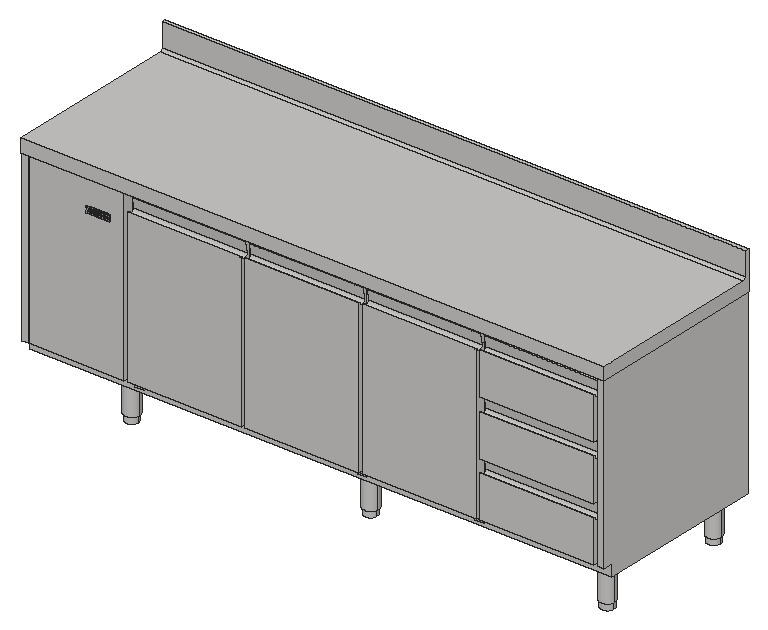
Revit family "QF_ZANUSSI_111060_ZH4H3AAAC", category Specialty Equipment, Revit 2018 (continued)
Definition of nested family "ZAN_Cooling Unit"
  Lines and regions (mm)
    Split face 119
      outline origin (55.016, 2, -173.108) x (0, 0, 1) y (-1, 0, 0)
        loop
          line (502.647, 158.547) -> (502.647, 116.535)
          arc (502.647, 116.535) -> (506.648, 112.533) -> (510.649, 116.535) r 4.001
          line (510.649, 116.535) -> (510.649, 158.547)
    Split face 120
      outline origin (55.016, 2, -185.112) x (0, 0, 1) y (-1, 0, 0)
        loop
          arc (510.649, 158.547) -> (506.648, 162.548) -> (502.647, 158.547) r 4.001
          line (502.647, 158.547) -> (502.647, 116.535)
          arc (502.647, 116.535) -> (506.648, 112.533) -> (510.649, 116.535) r 4.001
          line (510.649, 116.535) -> (510.649, 158.547)
    Split face 121
      outline origin (55.016, 2, -197.115) x (0, 0, 1) y (-1, 0, 0)
        loop
          arc (510.649, 158.547) -> (506.648, 162.548) -> (502.647, 158.547) r 4.001
          line (502.647, 158.547) -> (502.647, 116.535)
          arc (502.647, 116.535) -> (506.648, 112.533) -> (510.649, 116.535) r 4.001
          line (510.649, 116.535) -> (510.649, 158.547)
    Split face 122
      outline origin (55.016, 2, -209.119) x (0, 0, 1) y (-1, 0, 0)
        loop
          arc (510.649, 158.547) -> (506.648, 162.548) -> (502.647, 158.547) r 4.001
          line (502.647, 158.547) -> (502.647, 116.535)
          arc (502.647, 116.535) -> (506.648, 112.533) -> (510.649, 116.535) r 4.001
          line (510.649, 116.535) -> (510.649, 158.547)
    Split face 123
      outline origin (55.016, 2, -221.122) x (0, 0, 1) y (-1, 0, 0)
        loop
          arc (510.649, 158.547) -> (506.648, 162.548) -> (502.647, 158.547) r 4.001
          line (502.647, 158.547) -> (502.647, 116.535)
          arc (502.647, 116.535) -> (506.648, 112.533) -> (510.649, 116.535) r 4.001
          line (510.649, 116.535) -> (510.649, 158.547)
    Split face 124
      outline origin (55.016, 2, -233.126) x (0, 0, 1) y (-1, 0, 0)
        loop
          arc (510.649, 158.547) -> (506.648, 162.548) -> (502.647, 158.547) r 4.001
          line (502.647, 158.547) -> (502.647, 116.535)
          arc (502.647, 116.535) -> (506.648, 112.533) -> (510.649, 116.535) r 4.001
          line (510.649, 116.535) -> (510.649, 158.547)
    Split face 125
      outline origin (55.016, 2, -245.129) x (0, 0, 1) y (-1, 0, 0)
        loop
          arc (510.649, 158.547) -> (506.648, 162.548) -> (502.647, 158.547) r 4.001
          line (502.647, 158.547) -> (502.647, 116.535)
          arc (502.647, 116.535) -> (506.648, 112.533) -> (510.649, 116.535) r 4.001
          line (510.649, 116.535) -> (510.649, 158.547)
    Split face 126
      outline origin (55.016, 2, -257.133) x (0, 0, 1) y (-1, 0, 0)
        loop
          arc (510.649, 158.547) -> (506.648, 162.548) -> (502.647, 158.547) r 4.001
          line (502.647, 158.547) -> (502.647, 116.535)
          arc (502.647, 116.535) -> (506.648, 112.533) -> (510.649, 116.535) r 4.001
          line (510.649, 116.535) -> (510.649, 158.547)
    Split face 127
      outline origin (55.016, 2, -269.136) x (0, 0, 1) y (-1, 0, 0)
        loop
          arc (510.649, 158.547) -> (506.648, 162.548) -> (502.647, 158.547) r 4.001
          line (502.647, 158.547) -> (502.647, 116.535)
          arc (502.647, 116.535) -> (506.648, 112.533) -> (510.649, 116.535) r 4.001
          line (510.649, 116.535) -> (510.649, 158.547)
    Split face 128
      outline origin (55.016, 2, -281.14) x (0, 0, 1) y (-1, 0, 0)
        loop
          arc (510.649, 158.547) -> (506.648, 162.548) -> (502.647, 158.547) r 4.001
          line (502.647, 158.547) -> (502.647, 116.535)
          arc (502.647, 116.535) -> (506.648, 112.533) -> (510.649, 116.535) r 4.001
          line (510.649, 116.535) -> (510.649, 158.547)
    Split face 129
      outline origin (55.016, 2, -293.144) x (0, 0, 1) y (-1, 0, 0)
        loop
          arc (510.649, 158.547) -> (506.648, 162.548) -> (502.647, 158.547) r 4.001
          line (502.647, 158.547) -> (502.647, 116.535)
          arc (502.647, 116.535) -> (506.648, 112.533) -> (510.649, 116.535) r 4.001
          line (510.649, 116.535) -> (510.649, 158.547)
    Split face 130
      outline origin (110.032, 2, -113.091) x (0, 0, 1) y (-1, 0, 0)
        loop
          arc (510.649, 158.547) -> (506.648, 162.548) -> (502.647, 158.547) r 4.001
          line (502.647, 158.547) -> (502.647, 116.535)
          arc (502.647, 116.535) -> (506.648, 112.533) -> (510.649, 116.535) r 4.001
          line (510.649, 116.535) -> (510.649, 158.547)
    Split face 131
      outline origin (110.032, 2, -125.094) x (0, 0, 1) y (-1, 0, 0)
        loop
          arc (510.649, 158.547) -> (506.648, 162.548) -> (502.647, 158.547) r 4.001
          line (502.647, 158.547) -> (502.647, 116.535)
          arc (502.647, 116.535) -> (506.648, 112.533) -> (510.649, 116.535) r 4.001
          line (510.649, 116.535) -> (510.649, 158.547)
    Split face 132
      outline origin (110.032, 2, -137.098) x (0, 0, 1) y (-1, 0, 0)
        loop
          arc (510.649, 158.547) -> (506.648, 162.548) -> (502.647, 158.547) r 4.001
          line (502.647, 158.547) -> (502.647, 116.535)
          arc (502.647, 116.535) -> (506.648, 112.533) -> (510.649, 116.535) r 4.001
          line (510.649, 116.535) -> (510.649, 158.547)
    Split face 133
      outline origin (110.032, 2, -149.101) x (0, 0, 1) y (-1, 0, 0)
        loop
          arc (510.649, 158.547) -> (506.648, 162.548) -> (502.647, 158.547) r 4.001
          line (502.647, 158.547) -> (502.647, 116.535)
          arc (502.647, 116.535) -> (506.648, 112.533) -> (510.649, 116.535) r 4.001
          line (510.649, 116.535) -> (510.649, 158.547)
    Split face 134
      outline origin (110.032, 2, -161.105) x (0, 0, 1) y (-1, 0, 0)
        loop
          arc (510.649, 158.547) -> (506.648, 162.548) -> (502.647, 158.547) r 4.001
          line (502.647, 158.547) -> (502.647, 116.535)
          arc (502.647, 116.535) -> (506.648, 112.533) -> (510.649, 116.535) r 4.001
          line (510.649, 116.535) -> (510.649, 158.547)
    Split face 135
      outline origin (110.032, 2, -173.108) x (0, 0, 1) y (-1, 0, 0)
        loop
          arc (510.649, 158.547) -> (506.648, 162.548) -> (502.647, 158.547) r 4.001
          line (502.647, 158.547) -> (502.647, 116.535)
          arc (502.647, 116.535) -> (506.648, 112.533) -> (510.649, 116.535) r 4.001
          line (510.649, 116.535) -> (510.649, 158.547)
    Split face 136
      outline origin (110.032, 2, -185.112) x (0, 0, 1) y (-1, 0, 0)
        loop
          arc (510.649, 158.547) -> (506.648, 162.548) -> (502.647, 158.547) r 4.001
          line (502.647, 158.547) -> (502.647, 116.535)
          arc (502.647, 116.535) -> (506.648, 112.533) -> (510.649, 116.535) r 4.001
          line (510.649, 116.535) -> (510.649, 158.547)
    Split face 137
      outline origin (110.032, 2, -197.115) x (0, 0, 1) y (-1, 0, 0)
        loop
          arc (510.649, 158.547) -> (506.648, 162.548) -> (502.647, 158.547) r 4.001
          line (502.647, 158.547) -> (502.647, 116.535)
          arc (502.647, 116.535) -> (506.648, 112.533) -> (510.649, 116.535) r 4.001
          line (510.649, 116.535) -> (510.649, 158.547)
    Split face 138
      outline origin (110.032, 2, -209.119) x (0, 0, 1) y (-1, 0, 0)
        loop
          arc (510.649, 158.547) -> (506.648, 162.548) -> (502.647, 158.547) r 4.001
          line (502.647, 158.547) -> (502.647, 116.535)
          arc (502.647, 116.535) -> (506.648, 112.533) -> (510.649, 116.535) r 4.001
          line (510.649, 116.535) -> (510.649, 158.547)
    Split face 139
      outline origin (110.032, 2, -221.122) x (0, 0, 1) y (-1, 0, 0)
        loop
          arc (510.649, 158.547) -> (506.648, 162.548) -> (502.647, 158.547) r 4.001
          line (502.647, 158.547) -> (502.647, 116.535)
          arc (502.647, 116.535) -> (506.648, 112.533) -> (510.649, 116.535) r 4.001
          line (510.649, 116.535) -> (510.649, 158.547)
    Split face 140
      outline origin (110.032, 2, -233.126) x (0, 0, 1) y (-1, 0, 0)
        loop
          arc (510.649, 158.547) -> (506.648, 162.548) -> (502.647, 158.547) r 4.001
          line (502.647, 158.547) -> (502.647, 116.535)
          arc (502.647, 116.535) -> (506.648, 112.533) -> (510.649, 116.535) r 4.001
          line (510.649, 116.535) -> (510.649, 158.547)
    Split face 141
      outline origin (110.032, 2, -245.129) x (0, 0, 1) y (-1, 0, 0)
        loop
          arc (510.649, 158.547) -> (506.648, 162.548) -> (502.647, 158.547) r 4.001
          line (502.647, 158.547) -> (502.647, 116.535)
          arc (502.647, 116.535) -> (506.648, 112.533) -> (510.649, 116.535) r 4.001
          line (510.649, 116.535) -> (510.649, 158.547)
    Split face 142
      outline origin (110.032, 2, -257.133) x (0, 0, 1) y (-1, 0, 0)
        loop
          arc (510.649, 158.547) -> (506.648, 162.548) -> (502.647, 158.547) r 4.001
          line (502.647, 158.547) -> (502.647, 116.535)
          arc (502.647, 116.535) -> (506.648, 112.533) -> (510.649, 116.535) r 4.001
          line (510.649, 116.535) -> (510.649, 158.547)
    Split face 143
      outline origin (110.032, 2, -269.136) x (0, 0, 1) y (-1, 0, 0)
        loop
          arc (510.649, 158.547) -> (506.648, 162.548) -> (502.647, 158.547) r 4.001
          line (502.647, 158.547) -> (502.647, 116.535)
          arc (502.647, 116.535) -> (506.648, 112.533) -> (510.649, 116.535) r 4.001
          line (510.649, 116.535) -> (510.649, 158.547)
    Split face 144
      outline origin (110.032, 2, -281.14) x (0, 0, 1) y (-1, 0, 0)
        loop
          arc (510.649, 158.547) -> (506.648, 162.548) -> (502.647, 158.547) r 4.001
          line (502.647, 158.547) -> (502.647, 116.535)
          arc (502.647, 116.535) -> (506.648, 112.533) -> (510.649, 116.535) r 4.001
          line (510.649, 116.535) -> (510.649, 158.547)
    Split face 145
      outline origin (110.032, 2, -293.144) x (0, 0, 1) y (-1, 0, 0)
        loop
          arc (510.649, 158.547) -> (506.648, 162.548) -> (502.647, 158.547) r 4.001
          line (502.647, 158.547) -> (502.647, 116.535)
          arc (502.647, 116.535) -> (506.648, 112.533) -> (510.649, 116.535) r 4.001
          line (510.649, 116.535) -> (510.649, 158.547)
    Split face 146
      outline origin (165.048, 2, -113.091) x (0, 0, 1) y (-1, 0, 0)
        loop
          arc (510.649, 158.547) -> (506.648, 162.548) -> (502.647, 158.547) r 4.001
          line (502.647, 158.547) -> (502.647, 116.535)
          arc (502.647, 116.535) -> (506.648, 112.533) -> (510.649, 116.535) r 4.001
          line (510.649, 116.535) -> (510.649, 158.547)
    Split face 147
      outline origin (165.048, 2, -125.094) x (0, 0, 1) y (-1, 0, 0)
        loop
          arc (510.649, 158.547) -> (506.648, 162.548) -> (502.647, 158.547) r 4.001
          line (502.647, 158.547) -> (502.647, 116.535)
          arc (502.647, 116.535) -> (506.648, 112.533) -> (510.649, 116.535) r 4.001
          line (510.649, 116.535) -> (510.649, 158.547)
    Split face 148
      outline origin (165.048, 2, -137.098) x (0, 0, 1) y (-1, 0, 0)
        loop
          arc (510.649, 158.547) -> (506.648, 162.548) -> (502.647, 158.547) r 4.001
          line (502.647, 158.547) -> (502.647, 116.535)
          arc (502.647, 116.535) -> (506.648, 112.533) -> (510.649, 116.535) r 4.001
          line (510.649, 116.535) -> (510.649, 158.547)
    Split face 149
      outline origin (165.048, 2, -149.101) x (0, 0, 1) y (-1, 0, 0)
        loop
          arc (510.649, 158.547) -> (506.648, 162.548) -> (502.647, 158.547) r 4.001
          line (502.647, 158.547) -> (502.647, 116.535)
          arc (502.647, 116.535) -> (506.648, 112.533) -> (510.649, 116.535) r 4.001
          line (510.649, 116.535) -> (510.649, 158.547)
    Split face 150
      outline origin (165.048, 2, -161.105) x (0, 0, 1) y (-1, 0, 0)
        loop
          arc (510.649, 158.547) -> (506.648, 162.548) -> (502.647, 158.547) r 4.001
          line (502.647, 158.547) -> (502.647, 116.535)
          arc (502.647, 116.535) -> (506.648, 112.533) -> (510.649, 116.535) r 4.001
          line (510.649, 116.535) -> (510.649, 158.547)
    Split face 151
      outline origin (165.048, 2, -173.108) x (0, 0, 1) y (-1, 0, 0)
        loop
          arc (510.649, 158.547) -> (506.648, 162.548) -> (502.647, 158.547) r 4.001
          line (502.647, 158.547) -> (502.647, 116.535)
          arc (502.647, 116.535) -> (506.648, 112.533) -> (510.649, 116.535) r 4.001
          line (510.649, 116.535) -> (510.649, 158.547)
    Split face 152
      outline origin (165.048, 2, -185.112) x (0, 0, 1) y (-1, 0, 0)
        loop
          arc (510.649, 158.547) -> (506.648, 162.548) -> (502.647, 158.547) r 4.001
          line (502.647, 158.547) -> (502.647, 116.535)
          arc (502.647, 116.535) -> (506.648, 112.533) -> (510.649, 116.535) r 4.001
          line (510.649, 116.535) -> (510.649, 158.547)
    Split face 153
      outline origin (165.048, 2, -197.115) x (0, 0, 1) y (-1, 0, 0)
        loop
          arc (510.649, 158.547) -> (506.648, 162.548) -> (502.647, 158.547) r 4.001
          line (502.647, 158.547) -> (502.647, 116.535)
          arc (502.647, 116.535) -> (506.648, 112.533) -> (510.649, 116.535) r 4.001
          line (510.649, 116.535) -> (510.649, 158.547)
    Split face 154
      outline origin (165.048, 2, -209.119) x (0, 0, 1) y (-1, 0, 0)
        loop
          arc (510.649, 158.547) -> (506.648, 162.548) -> (502.647, 158.547) r 4.001
          line (502.647, 158.547) -> (502.647, 116.535)
          arc (502.647, 116.535) -> (506.648, 112.533) -> (510.649, 116.535) r 4.001
          line (510.649, 116.535) -> (510.649, 158.547)
    Split face 155
      outline origin (165.048, 2, -221.122) x (0, 0, 1) y (-1, 0, 0)
        loop
          arc (510.649, 158.547) -> (506.648, 162.548) -> (502.647, 158.547) r 4.001
          line (502.647, 158.547) -> (502.647, 116.535)
          arc (502.647, 116.535) -> (506.648, 112.533) -> (510.649, 116.535) r 4.001
          line (510.649, 116.535) -> (510.649, 158.547)
    Split face 156
      outline origin (165.048, 2, -233.126) x (0, 0, 1) y (-1, 0, 0)
        loop
          arc (510.649, 158.547) -> (506.648, 162.548) -> (502.647, 158.547) r 4.001
          line (502.647, 158.547) -> (502.647, 116.535)
          arc (502.647, 116.535) -> (506.648, 112.533) -> (510.649, 116.535) r 4.001
          line (510.649, 116.535) -> (510.649, 158.547)
    Split face 157
      outline origin (165.048, 2, -245.129) x (0, 0, 1) y (-1, 0, 0)
        loop
          arc (510.649, 158.547) -> (506.648, 162.548) -> (502.647, 158.547) r 4.001
          line (502.647, 158.547) -> (502.647, 116.535)
          arc (502.647, 116.535) -> (506.648, 112.533) -> (510.649, 116.535) r 4.001
          line (510.649, 116.535) -> (510.649, 158.547)
    Split face 158
      outline origin (165.048, 2, -257.133) x (0, 0, 1) y (-1, 0, 0)
        loop
          arc (510.649, 158.547) -> (506.648, 162.548) -> (502.647, 158.547) r 4.001
          line (502.647, 158.547) -> (502.647, 116.535)
          arc (502.647, 116.535) -> (506.648, 112.533) -> (510.649, 116.535) r 4.001
          line (510.649, 116.535) -> (510.649, 158.547)
    Split face 159
      outline origin (165.048, 2, -269.136) x (0, 0, 1) y (-1, 0, 0)
        loop
          arc (510.649, 158.547) -> (506.648, 162.548) -> (502.647, 158.547) r 4.001
          line (502.647, 158.547) -> (502.647, 116.535)
          arc (502.647, 116.535) -> (506.648, 112.533) -> (510.649, 116.535) r 4.001
          line (510.649, 116.535) -> (510.649, 158.547)
    Split face 160
      outline origin (165.048, 2, -281.14) x (0, 0, 1) y (-1, 0, 0)
        loop
          arc (510.649, 158.547) -> (506.648, 162.548) -> (502.647, 158.547) r 4.001
          line (502.647, 158.547) -> (502.647, 116.535)
          arc (502.647, 116.535) -> (506.648, 112.533) -> (510.649, 116.535) r 4.001
          line (510.649, 116.535) -> (510.649, 158.547)
    Split face 161
      outline origin (165.048, 2, -293.144) x (0, 0, 1) y (-1, 0, 0)
        loop
          arc (510.649, 158.547) -> (506.648, 162.548) -> (502.647, 158.547) r 4.001
          line (502.647, 158.547) -> (502.647, 116.535)
          arc (502.647, 116.535) -> (506.648, 112.533) -> (510.649, 116.535) r 4.001
          line (510.649, 116.535) -> (510.649, 158.547)
    Split face 162
      outline origin (220.064, 2, -113.091) x (0, 0, 1) y (-1, 0, 0)
        loop
          arc (510.649, 158.547) -> (506.648, 162.548) -> (502.647, 158.547) r 4.001
          line (502.647, 158.547) -> (502.647, 116.535)
          arc (502.647, 116.535) -> (506.648, 112.533) -> (510.649, 116.535) r 4.001
          line (510.649, 116.535) -> (510.649, 158.547)
    Split face 163
      outline origin (220.064, 2, -125.094) x (0, 0, 1) y (-1, 0, 0)
        loop
          arc (510.649, 158.547) -> (506.648, 162.548) -> (502.647, 158.547) r 4.001
          line (502.647, 158.547) -> (502.647, 116.535)
          arc (502.647, 116.535) -> (506.648, 112.533) -> (510.649, 116.535) r 4.001
          line (510.649, 116.535) -> (510.649, 158.547)
    Split face 164
      outline origin (220.064, 2, -137.098) x (0, 0, 1) y (-1, 0, 0)
        loop
          arc (510.649, 158.547) -> (506.648, 162.548) -> (502.647, 158.547) r 4.001
          line (502.647, 158.547) -> (502.647, 116.535)
          arc (502.647, 116.535) -> (506.648, 112.533) -> (510.649, 116.535) r 4.001
          line (510.649, 116.535) -> (510.649, 158.547)
    Split face 165
      outline origin (220.064, 2, -149.101) x (0, 0, 1) y (-1, 0, 0)
        loop
          arc (510.649, 158.547) -> (506.648, 162.548) -> (502.647, 158.547) r 4.001
          line (502.647, 158.547) -> (502.647, 116.535)
          arc (502.647, 116.535) -> (506.648, 112.533) -> (510.649, 116.535) r 4.001
          line (510.649, 116.535) -> (510.649, 158.547)
    Split face 166
      outline origin (220.064, 2, -161.105) x (0, 0, 1) y (-1, 0, 0)
        loop
          arc (510.649, 158.547) -> (506.648, 162.548) -> (502.647, 158.547) r 4.001
          line (502.647, 158.547) -> (502.647, 116.535)
          arc (502.647, 116.535) -> (506.648, 112.533) -> (510.649, 116.535) r 4.001
          line (510.649, 116.535) -> (510.649, 158.547)
    Split face 167
      outline origin (220.064, 2, -173.108) x (0, 0, 1) y (-1, 0, 0)
        loop
          arc (510.649, 158.547) -> (506.648, 162.548) -> (502.647, 158.547) r 4.001
          line (502.647, 158.547) -> (502.647, 116.535)
          arc (502.647, 116.535) -> (506.648, 112.533) -> (510.649, 116.535) r 4.001
          line (510.649, 116.535) -> (510.649, 158.547)
    Split face 168
      outline origin (220.064, 2, -185.112) x (0, 0, 1) y (-1, 0, 0)
        loop
          arc (510.649, 158.547) -> (506.648, 162.548) -> (502.647, 158.547) r 4.001
          line (502.647, 158.547) -> (502.647, 116.535)
          arc (502.647, 116.535) -> (506.648, 112.533) -> (510.649, 116.535) r 4.001
          line (510.649, 116.535) -> (510.649, 158.547)
    Split face 169
      outline origin (220.064, 2, -197.115) x (0, 0, 1) y (-1, 0, 0)
        loop
          arc (510.649, 158.547) -> (506.648, 162.548) -> (502.647, 158.547) r 4.001
          line (502.647, 158.547) -> (502.647, 116.535)
          arc (502.647, 116.535) -> (506.648, 112.533) -> (510.649, 116.535) r 4.001
          line (510.649, 116.535) -> (510.649, 158.547)
    Split face 170
      outline origin (220.064, 2, -209.119) x (0, 0, 1) y (-1, 0, 0)
        loop
          arc (510.649, 158.547) -> (506.648, 162.548) -> (502.647, 158.547) r 4.001
          line (502.647, 158.547) -> (502.647, 116.535)
          arc (502.647, 116.535) -> (506.648, 112.533) -> (510.649, 116.535) r 4.001
          line (510.649, 116.535) -> (510.649, 158.547)
    Split face 171
      outline origin (220.064, 2, -221.122) x (0, 0, 1) y (-1, 0, 0)
        loop
          arc (510.649, 158.547) -> (506.648, 162.548) -> (502.647, 158.547) r 4.001
          line (502.647, 158.547) -> (502.647, 116.535)
          arc (502.647, 116.535) -> (506.648, 112.533) -> (510.649, 116.535) r 4.001
          line (510.649, 116.535) -> (510.649, 158.547)
    Split face 172
      outline origin (220.064, 2, -233.126) x (0, 0, 1) y (-1, 0, 0)
        loop
          arc (510.649, 158.547) -> (506.648, 162.548) -> (502.647, 158.547) r 4.001
          line (502.647, 158.547) -> (502.647, 116.535)
          arc (502.647, 116.535) -> (506.648, 112.533) -> (510.649, 116.535) r 4.001
          line (510.649, 116.535) -> (510.649, 158.547)
    Split face 173
      outline origin (220.064, 2, -245.129) x (0, 0, 1) y (-1, 0, 0)
        loop
          arc (510.649, 158.547) -> (506.648, 162.548) -> (502.647, 158.547) r 4.001
          line (502.647, 158.547) -> (502.647, 116.535)
          arc (502.647, 116.535) -> (506.648, 112.533) -> (510.649, 116.535) r 4.001
          line (510.649, 116.535) -> (510.649, 158.547)
    Split face 174
      outline origin (220.064, 2, -257.133) x (0, 0, 1) y (-1, 0, 0)
        loop
          arc (510.649, 158.547) -> (506.648, 162.548) -> (502.647, 158.547) r 4.001
          line (502.647, 158.547) -> (502.647, 116.535)
          arc (502.647, 116.535) -> (506.648, 112.533) -> (510.649, 116.535) r 4.001
          line (510.649, 116.535) -> (510.649, 158.547)
    Split face 175
      outline origin (220.064, 2, -269.136) x (0, 0, 1) y (-1, 0, 0)
        loop
          arc (510.649, 158.547) -> (506.648, 162.548) -> (502.647, 158.547) r 4.001
          line (502.647, 158.547) -> (502.647, 116.535)
          arc (502.647, 116.535) -> (506.648, 112.533) -> (510.649, 116.535) r 4.001
          line (510.649, 116.535) -> (510.649, 158.547)
    Split face 176
      outline origin (220.064, 2, -281.14) x (0, 0, 1) y (-1, 0, 0)
        loop
          arc (510.649, 158.547) -> (506.648, 162.548) -> (502.647, 158.547) r 4.001
          line (502.647, 158.547) -> (502.647, 116.535)
          arc (502.647, 116.535) -> (506.648, 112.533) -> (510.649, 116.535) r 4.001
          line (510.649, 116.535) -> (510.649, 158.547)
    Split face 177
      outline origin (220.064, 2, -293.144) x (0, 0, 1) y (-1, 0, 0)
        loop
          arc (510.649, 158.547) -> (506.648, 162.548) -> (502.647, 158.547) r 4.001
          line (502.647, 158.547) -> (502.647, 116.535)
          arc (502.647, 116.535) -> (506.648, 112.533) -> (510.649, 116.535) r 4.001
          line (510.649, 116.535) -> (510.649, 158.547)
    Split face 178
      outline origin (275.081, 2, -113.091) x (0, 0, 1) y (-1, 0, 0)
        loop
          arc (510.649, 158.547) -> (506.648, 162.548) -> (502.647, 158.547) r 4.001
          line (502.647, 158.547) -> (502.647, 116.535)
          arc (502.647, 116.535) -> (506.648, 112.533) -> (510.649, 116.535) r 4.001
          line (510.649, 116.535) -> (510.649, 158.547)
    Split face 179
      outline origin (275.081, 2, -125.094) x (0, 0, 1) y (-1, 0, 0)
        loop
          arc (510.649, 158.547) -> (506.648, 162.548) -> (502.647, 158.547) r 4.001
          line (502.647, 158.547) -> (502.647, 116.535)
          arc (502.647, 116.535) -> (506.648, 112.533) -> (510.649, 116.535) r 4.001
          line (510.649, 116.535) -> (510.649, 158.547)
    Split face 180
      outline origin (275.081, 2, -137.098) x (0, 0, 1) y (-1, 0, 0)
        loop
          arc (510.649, 158.547) -> (506.648, 162.548) -> (502.647, 158.547) r 4.001
          line (502.647, 158.547) -> (502.647, 116.535)
          arc (502.647, 116.535) -> (506.648, 112.533) -> (510.649, 116.535) r 4.001
          line (510.649, 116.535) -> (510.649, 158.547)
    Split face 181
      outline origin (275.081, 2, -149.101) x (0, 0, 1) y (-1, 0, 0)
        loop
          arc (510.649, 158.547) -> (506.648, 162.548) -> (502.647, 158.547) r 4.001
          line (502.647, 158.547) -> (502.647, 116.535)
          arc (502.647, 116.535) -> (506.648, 112.533) -> (510.649, 116.535) r 4.001
          line (510.649, 116.535) -> (510.649, 158.547)
    Split face 182
      outline origin (275.081, 2, -161.105) x (0, 0, 1) y (-1, 0, 0)
        loop
          arc (510.649, 158.547) -> (506.648, 162.548) -> (502.647, 158.547) r 4.001
          line (502.647, 158.547) -> (502.647, 116.535)
          arc (502.647, 116.535) -> (506.648, 112.533) -> (510.649, 116.535) r 4.001
          line (510.649, 116.535) -> (510.649, 158.547)
    Split face 183
      outline origin (275.081, 2, -173.108) x (0, 0, 1) y (-1, 0, 0)
        loop
          arc (510.649, 158.547) -> (506.648, 162.548) -> (502.647, 158.547) r 4.001
          line (502.647, 158.547) -> (502.647, 116.535)
          arc (502.647, 116.535) -> (506.648, 112.533) -> (510.649, 116.535) r 4.001
          line (510.649, 116.535) -> (510.649, 158.547)
    Split face 184
      outline origin (275.081, 2, -185.112) x (0, 0, 1) y (-1, 0, 0)
        loop
          arc (510.649, 158.547) -> (506.648, 162.548) -> (502.647, 158.547) r 4.001
          line (502.647, 158.547) -> (502.647, 116.535)
          arc (502.647, 116.535) -> (506.648, 112.533) -> (510.649, 116.535) r 4.001
          line (510.649, 116.535) -> (510.649, 158.547)
    Split face 185
      outline origin (275.081, 2, -197.115) x (0, 0, 1) y (-1, 0, 0)
        loop
          arc (510.649, 158.547) -> (506.648, 162.548) -> (502.647, 158.547) r 4.001
          line (502.647, 158.547) -> (502.647, 116.535)
          arc (502.647, 116.535) -> (506.648, 112.533) -> (510.649, 116.535) r 4.001
          line (510.649, 116.535) -> (510.649, 158.547)
    Split face 186
      outline origin (275.081, 2, -209.119) x (0, 0, 1) y (-1, 0, 0)
        loop
          arc (510.649, 158.547) -> (506.648, 162.548) -> (502.647, 158.547) r 4.001
          line (502.647, 158.547) -> (502.647, 116.535)
          arc (502.647, 116.535) -> (506.648, 112.533) -> (510.649, 116.535) r 4.001
          line (510.649, 116.535) -> (510.649, 158.547)
    Split face 187
      outline origin (275.081, 2, -221.122) x (0, 0, 1) y (-1, 0, 0)
        loop
          arc (510.649, 158.547) -> (506.648, 162.548) -> (502.647, 158.547) r 4.001
          line (502.647, 158.547) -> (502.647, 116.535)
          arc (502.647, 116.535) -> (506.648, 112.533) -> (510.649, 116.535) r 4.001
          line (510.649, 116.535) -> (510.649, 158.547)
    Split face 188
      outline origin (275.081, 2, -233.126) x (0, 0, 1) y (-1, 0, 0)
        loop
          arc (510.649, 158.547) -> (506.648, 162.548) -> (502.647, 158.547) r 4.001
          line (502.647, 158.547) -> (502.647, 116.535)
          arc (502.647, 116.535) -> (506.648, 112.533) -> (510.649, 116.535) r 4.001
          line (510.649, 116.535) -> (510.649, 158.547)
    Split face 189
      outline origin (275.081, 2, -245.129) x (0, 0, 1) y (-1, 0, 0)
        loop
          arc (510.649, 158.547) -> (506.648, 162.548) -> (502.647, 158.547) r 4.001
          line (502.647, 158.547) -> (502.647, 116.535)
          arc (502.647, 116.535) -> (506.648, 112.533) -> (510.649, 116.535) r 4.001
          line (510.649, 116.535) -> (510.649, 158.547)
    Split face 190
      outline origin (275.081, 2, -257.133) x (0, 0, 1) y (-1, 0, 0)
        loop
          arc (510.649, 158.547) -> (506.648, 162.548) -> (502.647, 158.547) r 4.001
          line (502.647, 158.547) -> (502.647, 116.535)
          arc (502.647, 116.535) -> (506.648, 112.533) -> (510.649, 116.535) r 4.001
          line (510.649, 116.535) -> (510.649, 158.547)
    Split face 191
      outline origin (275.081, 2, -269.136) x (0, 0, 1) y (-1, 0, 0)
        loop
          arc (510.649, 158.547) -> (506.648, 162.548) -> (502.647, 158.547) r 4.001
          line (502.647, 158.547) -> (502.647, 116.535)
          arc (502.647, 116.535) -> (506.648, 112.533) -> (510.649, 116.535) r 4.001
          line (510.649, 116.535) -> (510.649, 158.547)
    Split face 192
      outline origin (275.081, 2, -281.14) x (0, 0, 1) y (-1, 0, 0)
        loop
          arc (510.649, 158.547) -> (506.648, 162.548) -> (502.647, 158.547) r 4.001
          line (502.647, 158.547) -> (502.647, 116.535)
          arc (502.647, 116.535) -> (506.648, 112.533) -> (510.649, 116.535) r 4.001
          line (510.649, 116.535) -> (510.649, 158.547)
    Split face 193
      outline origin (275.081, 2, -293.144) x (0, 0, 1) y (-1, 0, 0)
        loop
          arc (510.649, 158.547) -> (506.648, 162.548) -> (502.647, 158.547) r 4.001
          line (502.647, 158.547) -> (502.647, 116.535)
          arc (502.647, 116.535) -> (506.648, 112.533) -> (510.649, 116.535) r 4.001
          line (510.649, 116.535) -> (510.649, 158.547)
    Split face 194
      outline origin (0, 2, 197) x (0, 0, 1) y (-1, 0, 0)
        loop
          spline (566.835, 20.381) -> (564.628, 19.058) -> (561.987, 18.027) -> (558.955, 17.386) -> (555.581, 17.244) -> (551.912, 17.703) -> (547.993, 18.863) -> (543.871, 20.83) -> (539.591, 23.706) -> (535.202, 27.594) -> (530.748, 32.597) -> (526.28, 38.824) -> (521.835, 46.362)
        loop
          spline (521.835, 58.392) -> (525.386, 49.242) -> (529.197, 41.481) -> (533.2, 35.023) -> (537.329, 29.786) -> (541.516, 25.684) -> (545.695, 22.634) -> (549.798, 20.552) -> (553.759, 19.355) -> (557.511, 18.958) -> (560.984, 19.275) -> (564.115, 20.227) -> (566.835, 21.726)
    Split face 195
      outline origin (0, 2, 197) x (0, 0, 1) y (-1, 0, 0)
        loop
          line (555.835, 149.5) -> (532.835, 149.5) -> (532.835, 94.5) -> (555.835, 94.5) -> (555.835, 149.5)
  Dimensions and locks
    aligned and locked: level to plane 2
  Nested families
    nested 1: "ZAN_Logo_S_Grey" at (85, 2, 741.213) x (1, 0, 0) z (0, -1, 0), visible <- "Show Logo", type "ZAN_Logo_S_Grey"
  Definition of nested family "ZAN_Logo_S_Grey"
    Parameters
      Default Elevation = 0 mm
    Reference planes
      plane 1 "Centro (Fronte/Retro)": y = 0
      plane 2: z = 0
      plane 3 "Centro (Sinistra/Destra)": x = 0
    Forms (mm)
      Extrusion 1, solid
        sketch origin (0, 0, 0) x (1, 0, 0) y (0, 1, 0)
          loop
            line (-1219.2, 1219.2) -> (-1219.2, -1219.2) -> (1219.2, -1219.2) -> (1219.2, 1219.2) -> (-1219.2, 1219.2)
        from 0 to -304.8
      Extrusion 2, solid
        sketch origin (17.793, -46.218, 0) x (-1, 0, 0) y (0, -1, 0)
          loop
            spline (-4.176, -58.079) -> (-3.496, -58.328) -> (-2.793, -58.512) -> (-2.075, -58.63) -> (-1.348, -58.682) -> (-0.619, -58.669) -> (0.106, -58.588) -> (0.818, -58.44) -> (1.512, -58.225) -> (2.18, -57.941) -> (2.817, -57.589) -> (3.414, -57.167) -> (3.966, -56.676)
            spline (3.966, -56.676) -> (4.293, -56.162) -> (4.575, -55.61) -> (4.81, -55.026) -> (5, -54.419) -> (5.146, -53.797) -> (5.247, -53.166) -> (5.304, -52.536) -> (5.318, -51.913) -> (5.288, -51.306) -> (5.217, -50.723) -> (5.103, -50.17) -> (4.949, -49.657)
            line (4.949, -49.657) -> (2.702, -46.428) -> (0.316, -44.323)
            spline (0.316, -44.323) -> (0.065, -44.115) -> (-0.195, -43.909) -> (-0.46, -43.704) -> (-0.729, -43.496) -> (-0.997, -43.282) -> (-1.263, -43.059) -> (-1.523, -42.825) -> (-1.774, -42.576) -> (-2.013, -42.309) -> (-2.238, -42.022) -> (-2.445, -41.712) -> (-2.632, -41.375)
            spline (-2.632, -41.375) -> (-2.666, -41.159) -> (-2.697, -40.934) -> (-2.722, -40.701) -> (-2.736, -40.465) -> (-2.736, -40.227) -> (-2.72, -39.989) -> (-2.682, -39.754) -> (-2.621, -39.524) -> (-2.533, -39.302) -> (-2.414, -39.091) -> (-2.261, -38.892) -> (-2.07, -38.708)
            line (-2.07, -38.708) -> (-0.245, -38.567)
            spline (-0.245, -38.567) -> (0.096, -38.8) -> (0.354, -39.074) -> (0.54, -39.381) -> (0.664, -39.716) -> (0.738, -40.073) -> (0.772, -40.445) -> (0.777, -40.825) -> (0.763, -41.208) -> (0.742, -41.588) -> (0.723, -41.957) -> (0.718, -42.309) -> (0.737, -42.638)
            line (0.737, -42.638) -> (5.65, -42.638)
            spline (5.65, -42.638) -> (5.708, -42.042) -> (5.741, -41.448) -> (5.747, -40.857) -> (5.723, -40.273) -> (5.668, -39.696) -> (5.58, -39.129) -> (5.457, -38.574) -> (5.297, -38.032) -> (5.098, -37.506) -> (4.857, -36.997) -> (4.574, -36.508) -> (4.247, -36.041)
            spline (4.247, -36.041) -> (3.844, -35.675) -> (3.409, -35.35) -> (2.946, -35.065) -> (2.458, -34.819) -> (1.949, -34.612) -> (1.421, -34.444) -> (0.88, -34.314) -> (0.326, -34.221) -> (-0.234, -34.165) -> (-0.8, -34.146) -> (-1.366, -34.163) -> (-1.93, -34.216)
            spline (-1.93, -34.216) -> (-2.526, -34.309) -> (-3.116, -34.448) -> (-3.695, -34.633) -> (-4.259, -34.861) -> (-4.801, -35.131) -> (-5.316, -35.444) -> (-5.799, -35.798) -> (-6.245, -36.191) -> (-6.648, -36.624) -> (-7.002, -37.095) -> (-7.303, -37.603) -> (-7.545, -38.146)
            spline (-7.545, -38.146) -> (-7.694, -38.815) -> (-7.792, -39.487) -> (-7.839, -40.158) -> (-7.836, -40.824) -> (-7.785, -41.482) -> (-7.685, -42.129) -> (-7.539, -42.762) -> (-7.347, -43.377) -> (-7.111, -43.97) -> (-6.83, -44.538) -> (-6.506, -45.078) -> (-6.141, -45.586)
            line (-6.141, -45.586) -> (-0.526, -50.64) -> (0.176, -51.482)
            spline (0.176, -51.482) -> (0.248, -51.66) -> (0.323, -51.843) -> (0.397, -52.03) -> (0.467, -52.22) -> (0.529, -52.412) -> (0.579, -52.605) -> (0.615, -52.798) -> (0.633, -52.989) -> (0.63, -53.179) -> (0.601, -53.366) -> (0.545, -53.55) -> (0.456, -53.728)
            spline (0.456, -53.728) -> (0.375, -53.892) -> (0.273, -54.034) -> (0.154, -54.155) -> (0.02, -54.258) -> (-0.126, -54.343) -> (-0.28, -54.412) -> (-0.441, -54.466) -> (-0.604, -54.508) -> (-0.767, -54.537) -> (-0.928, -54.556) -> (-1.082, -54.567) -> (-1.228, -54.57)
            line (-1.228, -54.57) -> (-2.632, -53.587) -> (-2.772, -50.64) -> (-7.405, -50.64)
            spline (-7.405, -50.64) -> (-7.41, -51.031) -> (-7.423, -51.432) -> (-7.44, -51.839) -> (-7.456, -52.251) -> (-7.469, -52.665) -> (-7.475, -53.079) -> (-7.468, -53.489) -> (-7.446, -53.894) -> (-7.404, -54.291) -> (-7.339, -54.679) -> (-7.247, -55.053) -> (-7.123, -55.412)
            spline (-7.123, -55.412) -> (-6.999, -55.693) -> (-6.837, -55.97) -> (-6.643, -56.244) -> (-6.422, -56.509) -> (-6.177, -56.765) -> (-5.913, -57.009) -> (-5.634, -57.238) -> (-5.346, -57.45) -> (-5.051, -57.643) -> (-4.755, -57.814) -> (-4.462, -57.96) -> (-4.176, -58.079)
          loop
            spline (-21.021, -55.552) -> (-20.633, -56.181) -> (-20.177, -56.736) -> (-19.661, -57.217) -> (-19.092, -57.627) -> (-18.478, -57.966) -> (-17.827, -58.237) -> (-17.147, -58.441) -> (-16.446, -58.578) -> (-15.73, -58.652) -> (-15.009, -58.662) -> (-14.29, -58.611) -> (-13.581, -58.5)
            spline (-13.581, -58.5) -> (-13.088, -58.407) -> (-12.595, -58.269) -> (-12.109, -58.088) -> (-11.636, -57.866) -> (-11.183, -57.605) -> (-10.756, -57.307) -> (-10.361, -56.974) -> (-10.004, -56.608) -> (-9.692, -56.211) -> (-9.431, -55.784) -> (-9.228, -55.33) -> (-9.089, -54.851)
            spline (-9.089, -54.851) -> (-8.873, -54.211) -> (-8.715, -53.559) -> (-8.615, -52.901) -> (-8.574, -52.241) -> (-8.592, -51.585) -> (-8.668, -50.938) -> (-8.802, -50.306) -> (-8.995, -49.693) -> (-9.247, -49.106) -> (-9.557, -48.55) -> (-9.925, -48.03) -> (-10.352, -47.551)
            line (-10.352, -47.551) -> (-15.546, -42.919) -> (-16.669, -41.234)
            spline (-16.669, -41.234) -> (-16.704, -41.021) -> (-16.735, -40.804) -> (-16.761, -40.583) -> (-16.778, -40.361) -> (-16.784, -40.139) -> (-16.774, -39.919) -> (-16.748, -39.701) -> (-16.7, -39.488) -> (-16.63, -39.28) -> (-16.533, -39.08) -> (-16.406, -38.889) -> (-16.248, -38.708)
            line (-16.248, -38.708) -> (-14.844, -38.427)
            spline (-14.844, -38.427) -> (-14.347, -38.545) -> (-13.969, -38.749) -> (-13.695, -39.028) -> (-13.508, -39.368) -> (-13.393, -39.757) -> (-13.335, -40.182) -> (-13.318, -40.63) -> (-13.326, -41.089) -> (-13.344, -41.546) -> (-13.356, -41.988) -> (-13.347, -42.403) -> (-13.3, -42.779)
            line (-13.3, -42.779) -> (-8.387, -42.638)
            spline (-8.387, -42.638) -> (-8.326, -42.034) -> (-8.288, -41.417) -> (-8.277, -40.794) -> (-8.299, -40.169) -> (-8.357, -39.548) -> (-8.457, -38.936) -> (-8.604, -38.339) -> (-8.803, -37.762) -> (-9.058, -37.21) -> (-9.375, -36.689) -> (-9.758, -36.204) -> (-10.212, -35.76)
            spline (-10.212, -35.76) -> (-10.793, -35.336) -> (-11.409, -34.976) -> (-12.054, -34.679) -> (-12.723, -34.445) -> (-13.409, -34.273) -> (-14.107, -34.163) -> (-14.811, -34.115) -> (-15.515, -34.127) -> (-16.213, -34.2) -> (-16.899, -34.333) -> (-17.568, -34.526) -> (-18.213, -34.777)
            spline (-18.213, -34.777) -> (-18.496, -34.897) -> (-18.783, -35.044) -> (-19.071, -35.216) -> (-19.357, -35.412) -> (-19.639, -35.629) -> (-19.915, -35.865) -> (-20.182, -36.119) -> (-20.438, -36.389) -> (-20.681, -36.672) -> (-20.907, -36.967) -> (-21.115, -37.272) -> (-21.301, -37.585)
            spline (-21.301, -37.585) -> (-21.55, -38.26) -> (-21.734, -38.948) -> (-21.854, -39.647) -> (-21.91, -40.351) -> (-21.901, -41.057) -> (-21.828, -41.761) -> (-21.69, -42.459) -> (-21.489, -43.148) -> (-21.222, -43.823) -> (-20.892, -44.48) -> (-20.497, -45.116) -> (-20.038, -45.726)
            line (-20.038, -45.726) -> (-14.142, -51.061) -> (-13.44, -52.886) -> (-14.002, -54.289) -> (-15.265, -54.57) -> (-16.669, -53.587) -> (-16.81, -50.78) -> (-21.582, -50.64)
            spline (-21.582, -50.64) -> (-21.558, -51.063) -> (-21.55, -51.491) -> (-21.554, -51.92) -> (-21.561, -52.35) -> (-21.567, -52.778) -> (-21.565, -53.201) -> (-21.547, -53.619) -> (-21.509, -54.029) -> (-21.444, -54.43) -> (-21.345, -54.818) -> (-21.206, -55.193) -> (-21.021, -55.552)
          loop
            line (-22.424, -34.216) -> (-27.337, -34.216) -> (-27.337, -58.22) -> (-22.424, -58.22) -> (-22.424, -34.216)
          loop
            line (14.213, -39.971) -> (14.213, -58.22) -> (19.126, -58.22) -> (19.126, -42.077) -> (18.845, -38.146) -> (18.424, -37.164) -> (17.442, -35.9) -> (16.459, -35.199) -> (14.494, -34.356) -> (13.511, -34.216) -> (11.265, -34.216) -> (10.142, -34.497) -> (8.458, -35.479) -> (6.493, -38.287) -> (6.352, -39.269) -> (6.352, -58.22) -> (11.265, -58.22) -> (11.265, -40.392) -> (11.827, -39.129) -> (13.371, -38.988) -> (14.213, -39.971)
          loop
            line (20.249, -58.22) -> (24.741, -58.22) -> (24.741, -42.919) -> (28.812, -58.22) -> (34.006, -58.22) -> (34.006, -34.216) -> (29.654, -34.216) -> (29.654, -50.078) -> (25.583, -34.216) -> (20.249, -34.216) -> (20.249, -58.22)
          loop
            line (50.149, -58.22) -> (62.361, -58.22) -> (62.361, -53.728) -> (55.904, -53.868) -> (62.923, -39.129) -> (62.923, -34.216) -> (50.149, -34.216) -> (50.149, -39.129) -> (57.517, -39.129) -> (50.149, -54.149) -> (50.149, -58.22)
          loop
            line (38.778, -58.22) -> (45.516, -58.22) -> (49.868, -34.216) -> (44.814, -34.216) -> (44.113, -38.848) -> (40.042, -38.848) -> (39.34, -34.216) -> (34.286, -34.216) -> (38.778, -58.22)
          loop
            line (43.551, -43.2) -> (40.744, -43.2) -> (42.147, -54.117) -> (43.551, -43.2)
        from 0 to 1.644
    Dimensions and locks
      aligned and locked: plane 2 to Extrusion 1
      aligned and locked: level to Extrusion 1
Definition of nested family "Refrigerator"
  Reference planes
    plane 1 "Center (Front/Back)": y = 0
    plane 2: z = 0
    plane 3 "Center (Left/Right)": x = 0
  Lines and regions (mm)
    detail lines, in view "Ref. Level"
      curve 1: spline (-500, 190, 0) -> (-493.185, 166.706, 0) -> (-473.205, 145, 0) -> (-441.421, 126.36, 0) -> (-400, 112.058, 0) -> (-351.764, 103.067, 0) -> (-300, 100, 0) -> (-248.236, 103.067, 0) -> (-200, 112.058, 0) -> (-158.579, 126.36, 0) -> (-126.795, 145, 0) -> (-106.815, 166.706, 0) -> (-100, 190, 0) -> (-106.815, 213.294, 0) -> (-126.795, 235, 0) -> (-158.579, 253.64, 0) -> (-200, 267.942, 0) -> (-248.236, 276.933, 0) -> (-300, 280, 0) -> (-351.764, 276.933, 0) -> (-400, 267.942, 0) -> (-441.421, 253.64, 0) -> (-473.205, 235, 0) -> (-493.185, 213.294, 0) -> (-500, 190, 0)
      curve 2: line (-300, 130, 0) -> (-300, 250, 0)
      curve 3: line (-351.962, 220, 0) -> (-248.038, 160, 0)
      curve 4: line (-351.962, 160, 0) -> (-248.038, 220, 0)
      curve 5: line (-280.884, 246.873, 0) -> (-300, 225, 0)
      curve 6: line (-300, 225, 0) -> (-319.116, 246.873, 0)
      curve 7: line (-330.311, 207.5, 0) -> (-339.696, 234.992, 0)
      curve 8: line (-358.812, 201.882, 0) -> (-330.311, 207.5, 0)
      curve 9: line (-330.311, 172.5, 0) -> (-358.812, 178.118, 0)
      curve 10: line (-339.696, 145.008, 0) -> (-330.311, 172.5, 0)
      curve 11: line (-300, 155, 0) -> (-319.116, 133.127, 0)
      curve 12: line (-280.884, 133.127, 0) -> (-300, 155, 0)
      curve 13: line (-269.689, 172.5, 0) -> (-260.304, 145.008, 0)
      curve 14: line (-241.188, 178.118, 0) -> (-269.689, 172.5, 0)
      curve 15: line (-269.689, 207.5, 0) -> (-241.188, 201.882, 0)
      curve 16: line (-260.304, 234.992, 0) -> (-269.689, 207.5, 0)
